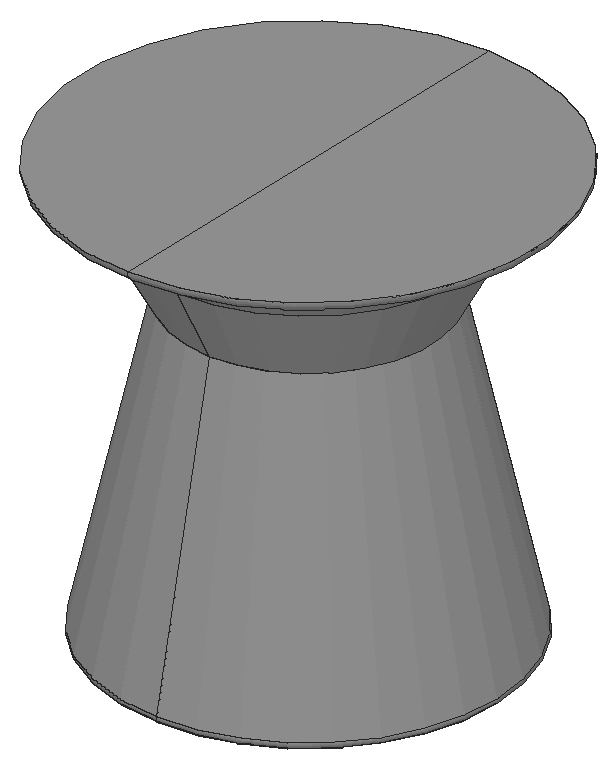
Revit family "FU_Table_Sandler_Essens_9-7", category Furniture, Revit 2020
Family settings
  OmniClass Number = 23.40.20.00
  OmniClass Title = General Furniture and Specialties
  Work Plane-Based = No
  Always vertical = Yes
  Cut with Voids When Loaded = No
  Shared = No
  Room Calculation Point = No
Parameters (values of type "Essens 9.7")
  Width = 770 mm
  Section Width = 420 mm
  Section Depth = Section Width  # 420 mm
  Height = 720 mm
  Depth = Width  # 770 mm
  Default Elevation = 0 mm
  Base Width = 634 mm
  Base Finish = PE3 - B36 Navy Blue
  Base Depth = Base Width  # 634 mm
Reference planes
  plane 1 "Center (Front/Back)": y = 0
  plane 2: z = 0
  plane 3 "Center (Left/Right)": x = 0
  plane 4 "Right": x = -385
  plane 5 "Left": x = 385
  plane 6 "Front": y = -385
  plane 7 "Back": y = 385
  plane 8: z = 720
  plane 9 "Section": z = 514.013
  plane 10 "Base Right": x = -317
  plane 11 "Base Left": x = 317
  plane 12 "Base Front": y = -317
  plane 13 "Base Back": y = 317
  plane 14 "Section Right": x = -210
  plane 15 "Section Left": x = 210
  plane 16 "Section Front": y = -210
  plane 17 "Section Back": y = 210
Forms (mm)
  Revolve 1, solid, material "PE3 - B36 Navy Blue" <- "Base Finish"
    sketch origin (0, -120, 0) x (0, 1, 0) y (0, 0, 1)
      loop
        line (120, 0) -> (120, 514.013) -> (-90, 514.013) -> (-203.885, 12.652)
        arc (-203.885, 12.652) -> (-203.705, 7.486) -> (-200.814, 3.2) r 9.377
        line (-200.814, 3.2) -> (-197, 0) -> (120, 0)
      axis (120, 0) -> (120, 514.013)
    angle from 0 to 360
  Revolve 2, solid, material "PE3 - B36 Navy Blue" <- "Base Finish"
    sketch origin (0, 0, 0) x (0, 1, 0) y (0, 0, 1)
      loop
        line (-210, 514.013) -> (0, 514.013) -> (0, 720) -> (-385, 720)
        arc (-385, 720) -> (-381.659, 709.061) -> (-371.633, 703.555) r 15.188
        arc (-371.633, 703.555) -> (-318.123, 683.731) -> (-279.697, 641.543) r 120.719
        line (-279.697, 641.543) -> (-210, 514.013)
      axis (0, 720) -> (0, 514.013)
    angle from 0 to 360
Dimensions and locks
  equal spacing: plane 7 "Back", plane 1 "Center (Front/Back)", plane 6 "Front"
  "Depth": plane 7 "Back" to plane 6 "Front"
  equal spacing: plane 4 "Right", plane 3 "Center (Left/Right)", plane 5 "Left"
  "Width": plane 4 "Right" to plane 5 "Left"
  "Height": plane 8 to level
  locked: plane 8 to plane 9 "Section" at 205.987
  equal spacing: plane 13 "Base Back", plane 1 "Center (Front/Back)", plane 12 "Base Front"
  "Base Depth": plane 13 "Base Back" to plane 12 "Base Front"
  equal spacing: plane 10 "Base Right", plane 3 "Center (Left/Right)", plane 11 "Base Left"
  "Base Width": plane 10 "Base Right" to plane 11 "Base Left"
  equal spacing: plane 14 "Section Right", plane 3 "Center (Left/Right)", plane 15 "Section Left"
  "Section Width": plane 14 "Section Right" to plane 15 "Section Left"
  equal spacing: plane 17 "Section Back", plane 1 "Center (Front/Back)", plane 16 "Section Front"
  "Section Depth": plane 17 "Section Back" to plane 16 "Section Front"
  aligned and locked: level to plane 2
  aligned and locked: level to Revolve 1 sketch curve
  aligned and locked: plane 12 "Base Front" to Revolve 1 sketch curve
  aligned and locked: plane 9 "Section" to Revolve 1 sketch curve  (x2)
  aligned and locked: plane 16 "Section Front" to Revolve 1 sketch curve
  aligned and locked: Revolve 1 sketch curve to Revolve 1 sketch curve  (x2)
  aligned and locked: Revolve 1 to plane 9 "Section"
  aligned and locked: plane 16 "Section Front" to Revolve 1
  aligned and locked: plane 17 "Section Back" to Revolve 1
Automatic sketch dimensions
  Revolve 1 sketch curve to plane 12 "Base Front" = 3.814 mm
  Revolve 1 sketch curve to plane 12 "Base Front" = 6.885 mm
  plane 12 "Base Front" to Revolve 1 sketch curve = 2.214 mm
  level to Revolve 1 sketch curve = 3.2 mm
  Revolve 1 sketch curve to Revolve 1 sketch curve = 7.184 mm
  Revolve 1 sketch curve to plane 1 "Center (Front/Back)" = 0 mm
  Revolve 1 sketch curve to level = 213.314 mm
  plane 8 to Revolve 1 sketch curve = 849.391 mm
  Revolve 2 sketch curve to plane 6 "Front" = 0 mm
  Revolve 2 sketch curve to plane 16 "Section Front" = 0 mm
  Revolve 2 sketch curve to plane 1 "Center (Front/Back)" = 0 mm  (x2)
  Revolve 2 sketch curve to plane 9 "Section" = 0 mm
  Revolve 2 sketch curve to plane 8 = 0 mm
  Revolve 2 sketch curve to plane 6 "Front" = 0.628 mm
  Revolve 2 sketch curve to plane 8 = 1.359 mm
  plane 6 "Front" to Revolve 2 sketch curve = 15.127 mm
  plane 12 "Base Front" to Revolve 2 sketch curve = 37.303 mm
  plane 9 "Section" to Revolve 2 sketch curve = 69.637 mm
  Revolve 2 sketch curve to plane 8 = 78.457 mm
  Revolve 2 sketch curve to plane 9 "Section" = 59.013 mm
  plane 8 to Revolve 2 sketch curve = 25 mm
